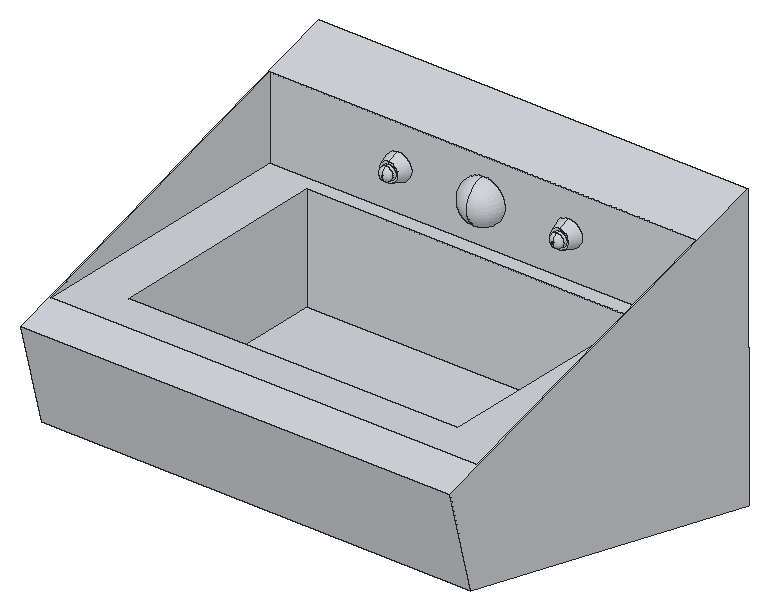
Revit family "Lavatory-Willoughby_Industries-WBLS-2018-HC", category Plumbing Fixtures, Revit 2015
Parameters
  URL = "www.willoughby-ind.com"
  Revision = "A"
  Model = "WBLS-2018-HC"
  Manufacturer = "Willoughby Industries"
  Description = "Behavioral Lavatory"
  Contact = "(800) 428-4065"
Reference planes (in)
  plane 1 "Center (Front/Back)": y = 0
  plane 2: z = 0
  plane 3 "Center (Left/Right)": x = 0
Forms (in)
  Extrusion 1, solid
    sketch origin (0, 0, 0) x (0, -1, 0) y (0, 0, -1)
      loop
        line (0, -38.375) -> (17.5, -33.1875) -> (16.25, -28.625) -> (0, -25.0625) -> (0, -38.375)
    from -10.0625 to 10.0625
  Extrusion 2, void
    sketch origin (0, 0, 0) x (0, 1, 0) y (0, 0, 1)
      loop
        line (-2.9375, 33.6875) -> (-2.9375, 41.6875) -> (-18.4375, 41.6875) -> (-18.4375, 33.6875) -> (-2.9375, 33.6875)
    from -10 to 10
  Extrusion 3, void
    sketch origin (0, 0, 0) x (0, 1, 0) y (0, 0, 1)
      loop
        line (-3.625, 33.6875) -> (-14.0625, 33.6875) -> (-14.0625, 28.75) -> (-3.625, 28.75) -> (-3.625, 33.6875)
    from -7.71875 to 7.71875
  Revolve 4, solid
    sketch origin (-4, 0, -0.03574) x (0, 1, 0) y (0, 0, 1)
      loop
        line (-2.9375, 35.6875) -> (-2.9375, 36.3075) -> (-3.4875, 36.1205) -> (-3.4875, 36.0165) -> (-3.6345, 35.9905)
        arc (-3.6345, 35.9905) -> (-3.78286, 35.90525) -> (-3.8415, 35.7445) r 0.24967
        line (-3.8415, 35.7445) -> (-3.8415, 35.6875) -> (-2.9375, 35.6875)
      axis (-2.9375, 35.6875) -> (-3.8415, 35.6875)
    angle from 0 to 360
  Revolve 5, solid
    sketch origin (4, 0, -0.03574) x (0, 1, 0) y (0, 0, 1)
      loop
        line (-2.9375, 35.6875) -> (-2.9375, 36.3075) -> (-3.4875, 36.1205) -> (-3.4875, 36.0165) -> (-3.6345, 35.9905)
        arc (-3.6345, 35.9905) -> (-3.78286, 35.90525) -> (-3.8415, 35.7445) r 0.24967
        line (-3.8415, 35.7445) -> (-3.8415, 35.6875) -> (-2.9375, 35.6875)
      axis (-2.9375, 35.6875) -> (-3.8415, 35.6875)
    angle from 0 to 360
  Revolve 6, solid
    sketch origin (0, 0, 0) x (0, 1, 0) y (0, 0, 1)
      loop
        line (-2.9375, 35.65176) -> (-2.9375, 36.65176)
        arc (-2.9375, 36.65176) -> (-3.64461, 36.35887) -> (-3.9375, 35.65176) r 1
        line (-3.9375, 35.65176) -> (-2.9375, 35.65176)
      axis (-2.9375, 35.65176) -> (-3.9375, 35.65176)
    angle from 0 to 360
  Extrusion 7, solid
    sketch origin (0, 0, 0) x (1, 0, 0) y (0, 0, 1)
      loop
        circle (0, 27.4375) r 0.75
    from -0.25 to 0
  Extrusion 8, solid
    sketch origin (0, 0, 0) x (1, 0, 0) y (0, 0, 1)
      loop
        circle (2.75, 27.4375) r 0.25
      loop
        circle (-2.75, 27.4375) r 0.25
    from -0.25 to 0
Cuts and joins
  Extrusion 2, Extrusion 3 cuts Extrusion 1
Lines and regions (in)
  reference lines
    curve 1: line (0, 0, 33.6875) -> (-4, 0, 33.6875)
Dimensions and locks (in)
  group 1 to group 2 = 0' - 8"
  group 1 to group 2 = 0' - 0"  (x2)
  aligned and locked: level to plane 2
